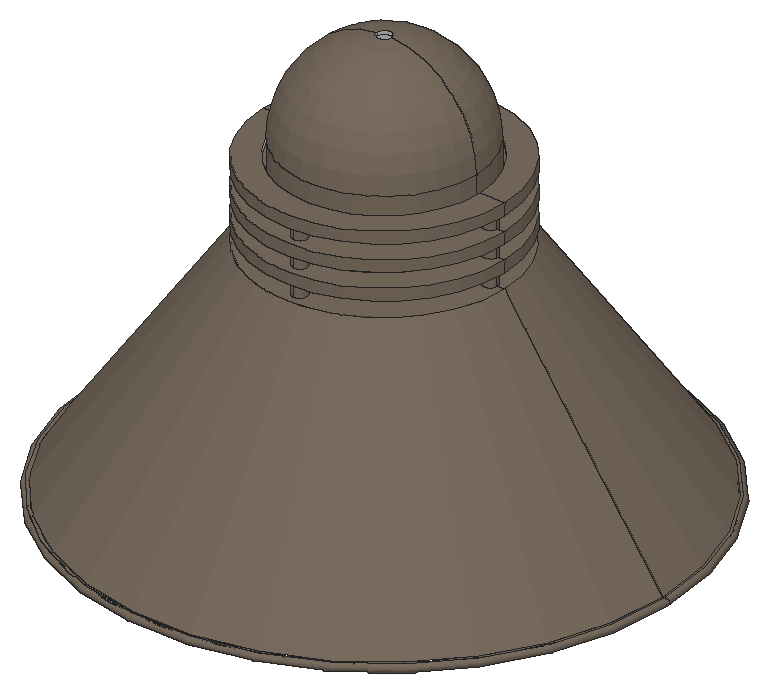
Revit family "SBHR20 SHADE", category Lighting Fixtures, Revit 2024
Family settings
  Round Connector Dimension = Use Diameter
  Part Type = Normal
  OmniClass Number = 23.80.70.00
  OmniClass Title = Lighting
  Work Plane-Based = No
  Always vertical = Yes
  Cut with Voids When Loaded = No
  Light Source = Yes
  Maintain Annotation Orientation = No
  Shared = No
  Room Calculation Point = No
Parameters
  Wattage = 12.1178 W
  built-in parameter 1150110 = 1 (stored number, unit not read)
  built-in parameter 1114217 = 1 (stored number, unit not read)
  built-in parameter 1150109 = 1 (stored number, unit not read)
  built-in parameter 1150134 = (empty or 0)
  built-in parameter 1150113 = 1 (stored number, unit not read)
  Lumens = 1800 lm
  built-in parameter 1150115 = 1 (stored number, unit not read)
  built-in parameter 1150105 = 572.96 (stored number, unit not read)
  Light Source Symbol Size = 2' - 0"
  built-in parameter 1150137 = (empty or 0)
  built-in parameter 1150139 = (empty or 0)
  built-in parameter 1150112 = 1 (stored number, unit not read)
  built-in parameter 1150114 = 1 (stored number, unit not read)
  built-in parameter 1150132 = 2
  built-in parameter 1150102 = (empty or 0)
  built-in parameter 1150138 = (empty or 0)
  built-in parameter 1150107 = 3000 (stored number, unit not read)
  built-in parameter 1150106 = 5.7296 (stored number, unit not read)
  built-in parameter 1150104 = 13.8 (stored number, unit not read)
  Dimming Lamp Color Temperature Shift = (empty or 0)
  Default Elevation = 0' - 0"
  Color Filter = 16777215
  built-in parameter 1114218 = 1 (stored number, unit not read)
  built-in parameter 1150133 = 10 (stored number, unit not read)
Reference planes (in)
  plane 1 "Light Source Axis (F/B)": y = 0
  plane 2: z = 0
  plane 3 "Light Source Axis (L/R)": x = 0
  plane 4 "Light Source Elevation": z = 84
Forms (in)
  Revolve 1, solid
    sketch origin (0, 0, 0) x (1, 0, 0) y (0, 0, 1)
      loop
        line (-9.75, 84.12543) -> (-4.20171, 91.90625) -> (-3.15625, 91.90625) -> (-3.15625, 95.25)
        arc (-3.15625, 95.25) -> (-2.31851, 97.39159) -> (-0.25, 98.39633) r 3.15625
        line (-0.25, 98.39633) -> (-0.25, 98.49037)
        arc (-0.25, 98.49037) -> (-2.38485, 97.45794) -> (-3.25, 95.25) r 3.25
        line (-3.25, 95.25) -> (-3.25, 92) -> (-4.25, 92) -> (-9.77632, 84.25) -> (-9.875, 84.25)
        arc (-9.875, 84.25) -> (-9.96324, 84.03646) -> (-9.75, 84.12543) r 0.125
      loop
        line (-2.10503, 93.98182) -> (-2.10503, 88.66167)
        arc (-2.10503, 88.66167) -> (-1.48848, 87.17319) -> (0, 86.55664) r 2.10503
        line (0, 86.55664) -> (0, 86.65039)
        arc (0, 86.65039) -> (-1.42219, 87.23948) -> (-2.01128, 88.66167) r 2.01128
        line (-2.01128, 88.66167) -> (-2.01128, 93.98182) -> (-2.10503, 93.98182)
      axis (0, 98.49037) -> (0, 84.12543)
    angle from 0 to 360
  Revolve 2, solid
    sketch origin (0, 0, 0) x (1, 0, 0) y (0, 0, 1)
      loop
        line (-3.37424, 94.71197) -> (-4.25, 94.71197) -> (-4.25, 94.31548) -> (-4.15625, 94.31548) -> (-4.15625, 94.61822) -> (-3.37424, 94.61822) -> (-3.37424, 94.71197)
      loop
        line (-3.37424, 93.81548) -> (-4.25, 93.81548) -> (-4.25, 93.419) -> (-4.15625, 93.419) -> (-4.15625, 93.72173) -> (-3.37424, 93.72173) -> (-3.37424, 93.81548)
      loop
        line (-3.37424, 92.919) -> (-4.25, 92.919) -> (-4.25, 92.52251) -> (-4.15625, 92.52251) -> (-4.15625, 92.82525) -> (-3.37424, 92.82525) -> (-3.37424, 92.919)
      axis (0, 94.71197) -> (0, 92.52251)
    angle from 0 to 360
  Sweep 3, solid
    path origin (0, 0, 0) x (1, 0, 0) y (0, 0, 1)
      loop
        line (-3.72012, 92) -> (-3.72012, 94.54976)
    profile origin (-3.72012, 0, 93.27488) x (-1, 0, 0) y (0, -1, 0)
      loop
        circle (0, 0) r 0.25
  Sweep 4, solid
    path origin (0, 0, 0) x (0, -1, 0) y (0, 0, 1)
      loop
        line (-3.72012, 92) -> (-3.72012, 94.54976)
    profile origin (0, 3.72012, 93.27488) x (0, 1, 0) y (-1, 0, 0)
      loop
        circle (0, 0) r 0.25
  Sweep 5, solid
    path origin (0, 0, 0) x (0, 1, 0) y (0, 0, 1)
      loop
        line (-3.72012, 92) -> (-3.72012, 94.54976)
    profile origin (0, -3.72012, 93.27488) x (0, -1, 0) y (1, 0, 0)
      loop
        circle (0, 0) r 0.25
  Sweep 6, solid
    path origin (0, 0, 0) x (-1, 0, 0) y (0, 0, 1)
      loop
        line (-3.72012, 92) -> (-3.72012, 94.54976)
    profile origin (3.72012, 0, 93.27488) x (1, 0, 0) y (0, 1, 0)
      loop
        circle (0, 0) r 0.25
Dimensions and locks (in)
  aligned and locked: plane 3 "Light Source Axis (L/R)" to imposter light
  aligned and locked: plane 1 "Light Source Axis (F/B)" to imposter light
  aligned and locked: plane 4 "Light Source Elevation" to imposter light
  aligned and locked: level to plane 2
